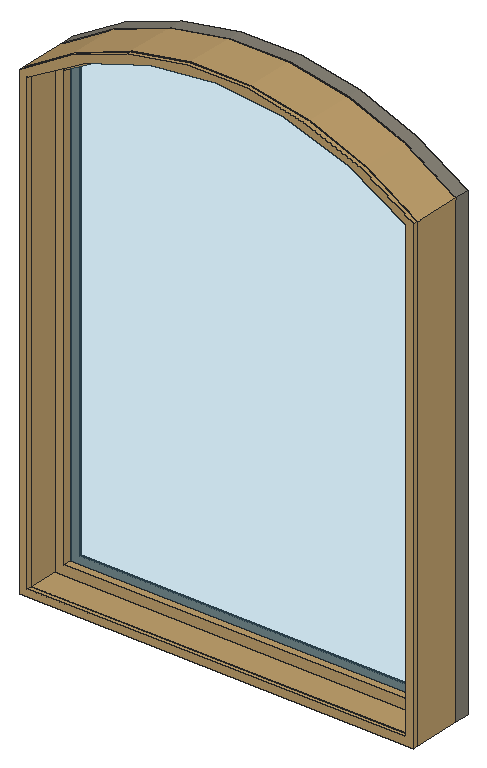
Revit family
Parameters (values of type "CRT3547DH")
  Window Type = "Clad Direct Glaze Ultimate Round Top RT6"
  URL = "www.marvin.com"
  RO Radius Constraint = if(RO Radius > (Rough Width / 2) + 0' 1", RO Radius, (Rough Width / 2) + 0' 1")  # 2' - 6 1/2"
  Radius = RO Radius Constraint - 0' 0 1/2"  # 2' - 6"
  RO Radius = 2' - 6 1/2"
  Nominal Width = 2' - 11"
  Nominal Height = 3' - 11"
  Model = "CRT3547DH"
  Mask Offset [instance] = if(Inset to Installation Flange = 0' 1 3/32", 0' 0 1/32", 0' 0")  # 0' - 0"
  Mask [instance] = Inset to Installation Flange > 0' 1 3/32"  # no
  Manufacturer = "Marvin Windows and Doors"
  Label Visibility = no
  Interior Material = Wood-Marvin-Pine
  Glazing Material = Glass-Marvin-IG Low E II with Argon
  Glass Type = "IG Low E II with Argon"
  Frame = "Aluminum Clad"
  Family created by = "www.rbuiltcomponents.com"
  Rough Width = Width + 0' 1"  # 3' - 0 3/8"
  Rough Height = Height + 0' 0 1/2"  # 4' - 0 1/2"
  Jamb Extension Visibility = yes
  Inset to Installation Flange [instance] = 0' - 1"
  Height = if(Nominal Height = 1' 7", Nominal Height - 0' 1", Nominal Height + 0' 1")  # 4' - 0"
  Design Pressure = if(or(Width > 10' 0", Height > 6' 0"), "", "DP40")  # "DP40"
  Description = "3547 FIXED RT6"
  Default Head Height = 8' - 0"
  Wall Closure = (empty or 0)
  Width = if(Nominal Width > 3' 9", Nominal Width - 0' 0 1/4", Nominal Width + 0' 0 3/8")  # 2' - 11 3/8"
  DLO Width = Width - 0' 3 1/8"  # 2' - 8 1/4"
  DLO Height = Height - 0' 3 1/8"  # 3' - 8 7/8"
  Cladding Material = Aluminum-Marvin-Bronze
  Arc Height = RO Radius Constraint - sqrt((RO Radius Constraint ^ 2) - ((Rough Width / 2) ^ 2))  # 0' - 6.01603"
  Assembly Code = ""
Reference planes (in)
  plane 1 "Center (Front/Back)": y = 0
  plane 2: z = 0
  plane 3 "Center (Left/Right)": x = -3
  plane 4 "Left": x = -20.6875
  plane 5 "Right": x = 14.6875
  plane 6 "Sill": z = 48
  plane 7 "Top": z = 96
  plane 8 "Inset": y = 2
  plane 9 "Glazing": y = 1.80078
  plane 10 "Jamb Ext Face": y = -2.5625
  plane 11: z = 90.48397
  plane 12: z = 96.5
  plane 13: x = 15.1875
  plane 14: x = -21.1875
  plane 15: y = -2.59375
Forms (in)
  Sweep 1, solid, material "Aluminum-Marvin-Bronze" <- "Cladding Material"
    path origin (0, 1.80078, 0) x (1, 0, 0) y (0, 0, 1)
      loop
        line (-20.6875, 90.23123) -> (-20.6875, 48) -> (14.6875, 48) -> (14.6875, 90.23123)
        arc (14.6875, 90.23123) -> (-3, 96) -> (-20.6875, 90.23123) r 30
    profile "Profile_Ext_Clad_Frame : Profile_Ext_Clad_Frame" origin (-20.6875, 1.80078, 69.11561) x (1, 0, 0) y (0, -1, 0)
      loop
        line (0.66161, -0.32533) -> (1.36603, -0.32533) -> (1.36603, -0.20244) -> (1.53351, -0.03495) -> (1.53351, 0) -> (0, 0) -> (0, -1.29321) -> (0.59393, -1.29321) -> (0.66161, -0.32533)
  Sweep 2, solid, material "Wood-Marvin-Pine" <- "Interior Material"
    path origin (0, 1.80078, 0) x (1, 0, 0) y (0, 0, 1)
      loop
        line (-20.6875, 90.23123) -> (-20.6875, 48) -> (14.6875, 48) -> (14.6875, 90.23123)
        arc (14.6875, 90.23123) -> (-3, 96) -> (-20.6875, 90.23123) r 30
    profile "Profile_Int_Frame : Profile_Int_Frame" origin (-20.6875, 1.80078, 69.11561) x (1, 0, 0) y (0, -1, 0)
      loop
        line (0.65625, 4.36304) -> (0, 4.36304) -> (0, 0) -> (0.65625, 0) -> (0.65625, 1.0626) -> (1.53226, 1.0626) -> (1.53226, 1.7506) -> (0.65625, 1.7506) -> (0.65625, 4.36304)
  Extrusion 3, solid, material "Glass-Marvin-IG Low E II with Argon" <- "Glazing Material"
    sketch origin (0, 1.80078, 0) x (1, 0, 0) y (0, 0, 1)
      loop
        line (13.84375, 48.84375) -> (13.84375, 90.02798)
        arc (13.84375, 90.02798) -> (-3, 95.34375) -> (-19.84375, 90.02798) r 29.34375
        line (-19.84375, 90.02798) -> (-19.84375, 48.84375) -> (13.84375, 48.84375)
    from 0 to 0.1875
  Extrusion 4, solid, material "Glass-Marvin-IG Low E II with Argon" <- "Glazing Material"
    sketch origin (0, 1.80078, 0) x (1, 0, 0) y (0, 0, 1)
      loop
        line (13.84375, 48.84375) -> (13.84375, 90.02798)
        arc (13.84375, 90.02798) -> (-3, 95.34375) -> (-19.84375, 90.02798) r 29.34375
        line (-19.84375, 90.02798) -> (-19.84375, 48.84375) -> (13.84375, 48.84375)
    from 0.8125 to 1
  Extrusion 5, solid, material "Wood-Marvin-Pine" <- "Interior Material", detail levels medium+fine
    sketch origin (0, -2.5625, 0) x (1, 0, 0) y (0, 0, 1)
      loop
        line (-20.6875, 48) -> (14.6875, 48) -> (14.6875, 90.23123)
        arc (14.6875, 90.23123) -> (-3, 96) -> (-20.6875, 90.23123) r 30
        line (-20.6875, 90.23123) -> (-20.6875, 48)
      loop
        arc (14.03125, 89.89544) -> (-3, 95.34375) -> (-20.03125, 89.89544) r 29.34375
        line (-20.03125, 89.89544) -> (-20.03125, 48.65625) -> (14.03125, 48.65625) -> (14.03125, 89.89544)
    from 0.03125 to 0.4375
Lines and regions (in)
  Opening 1
    outline origin (-60, -3, 0) x (1, 0, 0) y (0, 0, 1)
      loop
        line (39.3125, 90.23123) -> (39.3125, 48) -> (74.6875, 48) -> (74.6875, 90.23123)
        arc (74.6875, 90.23123) -> (57, 96) -> (39.3125, 90.23123) r 30
  Masking region 1
    outline origin (0, 0, 48) x (0, -1, 0) y (1, 0, 0)
      loop
        line (-3.094, -20.6875) -> (2.5625, -20.6875) -> (2.5625, 14.6875) -> (-3.094, 14.6875) -> (-3.094, -20.6875)
  Masking region 2
    outline origin (-3, 0, 0) x (0, 1, 0) y (0, 0, 1)
      loop
        line (3.094, 96) -> (-2.5625, 96) -> (-2.5625, 48) -> (3.094, 48) -> (3.094, 96)
  Masking region 3
    outline origin (-3, 0, 0) x (0, 1, 0) y (0, 0, 1)
      loop
        line (-2.59375, 96) -> (-3, 96) -> (-3, 48) -> (-2.59375, 48) -> (-2.59375, 96)
  Masking region 4, visible <- "Jamb Extension Visibility"
    outline origin (0, 0, 0) x (1, 0, 0) y (0, 1, 0)
      loop
        line (-20.6875, -2.59375) -> (-20.6875, -3) -> (14.6875, -3) -> (14.6875, -2.59375) -> (-20.6875, -2.59375)
  Masking region 5, visible <- "Mask"
    outline origin (-3, 0.20843, 0.00138) x (0, 1, 0) y (0, 0, 1)
      loop
        line (2.88557, 95.99862) -> (2.79157, 95.99862) -> (2.79157, 47.99862) -> (2.88557, 47.99862) -> (2.88557, 95.99862)
  symbolic lines, style "Jamb Extension", visible <- "Jamb Extension Visibility", detail levels fine
    curve 1: line (-20.6875, -3, 48) -> (-20.03125, -3, 48)
    curve 2: line (-20.03125, -3, 48) -> (-20.03125, -2.59375, 48)
    curve 3: line (14.6875, -3, 48) -> (14.03125, -3, 48)
    curve 4: line (14.03125, -3, 48) -> (14.03125, -2.59375, 48)
    curve 5: line (-3, -3, 95.34375) -> (-3, -2.59375, 95.34375)
    curve 6: line (-3, -3, 48.65625) -> (-3, -2.59375, 48.65625)
  symbolic lines, style "WindowsFrameMullionProjection", detail levels coarse+medium
    curve 7: line (14.6875, -2.5625, 0) -> (14.03125, -2.5625, 0)
    curve 8: line (14.03125, -2.5625, 0) -> (14.03125, 3.094, 0)
    curve 9: line (14.03125, 3.094, 0) -> (14.6875, 3.094, 0)
    curve 10: line (14.03125, 2.12611, 0) -> (13.15524, 2.12611, 0)
    curve 11: line (13.15524, 2.12611, 0) -> (13.15524, 0.05018, 0)
    curve 12: line (-20.03125, 0.05018, 0) -> (-19.15524, 0.05018, 0)
    curve 13: line (-20.6875, -2.5625, 0) -> (-20.03125, -2.5625, 0)
    curve 14: line (-20.03125, -2.5625, 0) -> (-20.03125, 3.094, 0)
    curve 15: line (-20.03125, 3.094, 0) -> (-20.6875, 3.094, 0)
    curve 16: line (-19.15524, 2.12611, 0) -> (-19.15524, 0.05018, 0)
    curve 17: line (-3, 3.094, 96) -> (-3, 3.094, 95.34375)
    curve 18: line (-3, 3.094, 95.34375) -> (-3, -2.5625, 95.34375)
    curve 19: line (-3, -2.5625, 95.34375) -> (-3, -2.5625, 96)
    curve 20: line (-3, 2.12611, 95.34375) -> (-3, 2.12611, 94.46774)
    curve 21: line (-3, 2.12611, 94.46774) -> (-3, 0.05018, 94.46774)
    curve 22: line (-3, 0.05018, 48.65625) -> (-3, 0.05018, 49.53226)
    curve 23: line (-3, 3.094, 48) -> (-3, 3.094, 48.65625)
    curve 24: line (-3, 3.094, 48.65625) -> (-3, -2.5625, 48.65625)
    curve 25: line (-3, -2.5625, 48.65625) -> (-3, -2.5625, 48)
    curve 26: line (-3, 2.12611, 49.53226) -> (-3, 0.05018, 49.53226)
    curve 27: line (13.15524, 2.12611, 0) -> (-19.15524, 2.12611, 0)
    curve 28: line (13.15524, 0.05018, 0) -> (14.03125, 0.05018, 0)
    curve 29: line (-19.15524, 0.05018, 0) -> (13.15524, 0.05018, 0)
    curve 30: line (-19.15524, 2.12611, 0) -> (-20.03125, 2.12611, 0)
    curve 31: line (-3, 0.05018, 49.53226) -> (-3, 0.05018, 94.46774)
    curve 32: line (-3, 2.12611, 49.53226) -> (-3, 2.12611, 48.65625)
    curve 33: line (-3, 0.05018, 94.46774) -> (-3, 0.05018, 95.34375)
    curve 34: line (-3, 2.12611, 94.46774) -> (-3, 2.12611, 49.53226)
  symbolic lines, style "WindowsFrameMullionProjection", visible <- "Jamb Extension Visibility", detail levels coarse+medium
    curve 35: line (-20.03125, -2.59375, 48) -> (-20.03125, -3, 48)
    curve 36: line (-20.03125, -3, 48) -> (-20.6875, -3, 48)
    curve 37: line (14.03125, -2.59375, 48) -> (14.03125, -3, 48)
    curve 38: line (14.03125, -3, 48) -> (14.6875, -3, 48)
    curve 41: line (-3, -2.59375, 95.34375) -> (-3, -3, 95.34375)
    curve 42: line (-3, -3, 95.34375) -> (-3, -3, 96)
    curve 43: line (-3, -2.59375, 48.65625) -> (-3, -3, 48.65625)
    curve 44: line (-3, -3, 48.65625) -> (-3, -3, 48)
  symbolic lines, style "Jamb Extension", visible <- "Jamb Extension Visibility"
    curve 39: line (-3, -3, 48.65625) -> (-3, -3, 48)
    curve 40: line (-3, -3, 95.34375) -> (-3, -3, 96)
  symbolic lines, style "WindowsGlassProjection", detail levels coarse+medium
    curve 45: line (-3, 1.06756, 49.53226) -> (-3, 1.06756, 94.46774)
    curve 46: line (13.15524, 1.06956, 0) -> (-19.15524, 1.06956, 0)
  reference lines
    curve 47: arc (15.1875, 0, 90.48397) -> (-3, 0, 96.5) -> (-21.1875, 0, 90.48397) r 30.5
    curve 48: arc (14.87755, 0, 90.09135) -> (-3, 0, 96) -> (-20.87755, 0, 90.09135) r 30
  symbolic lines, style "InvisibleLines", visible <- "Jamb Extension Visibility"
    curve 49: line (-3, -2.59375, 48) -> (-3, -2.59375, 48.65625)
    curve 50: line (-3, -2.59375, 95.34375) -> (-3, -2.59375, 96)
Text (in)
  text "EXTERIOR" at (-58.6888, 50.90694, 0), in view "Ref. Level"
  text "INTERIOR" at (-58.6888, -37.76638, 0), in view "Ref. Level"
  text "Exterior" at (0, 43.65631, 123.19604), in view "Left"
  text "Exterior" at (0, 18.29385, 125.04747), in view "Right"
Dimensions and locks (in)
  equal spacing: plane 4 "Left", plane 3 "Center (Left/Right)", plane 5 "Right"
  "Width": plane 4 "Left" to plane 5 "Right"
  "Height": plane 6 "Sill" to plane 7 "Top"
  "Inset to Installation Flange": host wall to plane 8 "Inset"
  locked: plane 9 "Glazing" to plane 8 "Inset" at 0.19922
  locked: plane 10 "Jamb Ext Face" to plane 8 "Inset" at 4.5625
  locked: Extrusion 3 sketch curve to plane 5 "Right" at 0.84375
  locked: plane 4 "Left" to Extrusion 3 sketch curve at 0.84375
  locked: plane 6 "Sill" to Extrusion 3 sketch curve at 0.84375
  equal spacing: curve 28, plane 8 "Inset", curve 10
  "Default Head Height": plane 2 to plane 7 "Top"
  locked: nested 3 to host wall at 12.00106
  locked: Extrusion 4 sketch curve to plane 5 "Right" at 0.84375
  locked: plane 6 "Sill" to Extrusion 4 sketch curve at 0.84375
  locked: plane 4 "Left" to Extrusion 4 sketch curve at 0.84375
  locked: plane 9 "Glazing" to Extrusion 3 at 0.1875
  locked: plane 9 "Glazing" to Extrusion 4 at 0.8125
  locked: plane 9 "Glazing" to Extrusion 4 at 1
  locked: Extrusion 4 to Extrusion 4 at 0.1875
  locked: plane 5 "Right" to plane 13 at 0.5
  locked: plane 14 to plane 4 "Left" at 0.5
  locked: plane 7 "Top" to plane 12 at 0.5
  "Arc Height": plane 11 to plane 12
  locked: plane 15 to plane 10 "Jamb Ext Face" at 0.03125
  "Mask Offset": Masking region 5 sketch curve to host wall
  "RO Radius Constraint": radius of curve 47
  "Radius": radius of curve 48
  aligned and locked: plane 6 "Sill" to Opening 1 sketch curve  (x2)
  aligned and locked: plane 5 "Right" to Opening 1 sketch curve
  aligned and locked: plane 4 "Left" to Opening 1 sketch curve
  aligned and locked: nested 1 to plane 3 "Center (Left/Right)"
  aligned and locked: plane 8 "Inset" to nested 1
  aligned and locked: host wall to curve 1
  aligned and locked: curve 3 to host wall
  aligned and locked: Sweep 1 sketch curve to plane 6 "Sill"
  aligned and locked: plane 5 "Right" to Sweep 1 sketch curve
  aligned and locked: Sweep 1 sketch curve to plane 4 "Left"
  aligned and locked: Sweep 2 sketch curve to plane 4 "Left"
  aligned and locked: plane 5 "Right" to Sweep 2 sketch curve
  aligned and locked: Sweep 2 sketch curve to plane 6 "Sill"
  aligned and locked: plane 8 "Inset" to nested 2
  aligned and locked: plane 5 "Right" to Masking region 1 sketch curve
  aligned and locked: Masking region 1 sketch curve to plane 4 "Left"
  aligned and locked: plane 7 "Top" to Masking region 2 sketch curve
  aligned and locked: Masking region 2 sketch curve to plane 6 "Sill"
  aligned and locked: plane 3 "Center (Left/Right)" to nested 3
  aligned and locked: plane 10 "Jamb Ext Face" to curve 13
  aligned and locked: curve 7 to plane 10 "Jamb Ext Face"
  aligned and locked: plane 4 "Left" to curve 36
  aligned and locked: curve 36 to host wall
  aligned and locked: plane 5 "Right" to curve 38
  aligned and locked: host wall to curve 38
  aligned and locked: curve 25 to plane 10 "Jamb Ext Face"
  aligned and locked: plane 6 "Sill" to curve 39
  aligned and locked: curve 39 to host wall
  aligned and locked: plane 7 "Top" to curve 40
  aligned and locked: plane 7 "Top" to curve 42
  aligned and locked: host wall to curve 42
  aligned and locked: plane 6 "Sill" to curve 44
  aligned and locked: Extrusion 3 to plane 9 "Glazing"
  aligned and locked: curve 14 to Sweep 2
  aligned and locked: curve 24 to Sweep 2
  aligned and locked: Sweep 1 to curve 32
  aligned and locked: plane 9 "Glazing" to Extrusion 3
  aligned and locked: Sweep 1 to curve 30
  aligned and locked: curve 12 to Sweep 2
  aligned and locked: curve 16 to Sweep 2
  aligned and locked: curve 10 to Sweep 1
  aligned and locked: Sweep 2 to curve 28
  aligned and locked: curve 11 to Sweep 2
  aligned and locked: curve 9 to Sweep 1
  aligned and locked: Sweep 1 to curve 15
  aligned and locked: Masking region 1 sketch curve to Sweep 1
  aligned and locked: Masking region 2 sketch curve to Sweep 1
  aligned and locked: curve 17 to Sweep 1
  aligned and locked: curve 20 to Sweep 1
  aligned and locked: Sweep 2 to curve 33
  aligned and locked: curve 23 to Sweep 1
  aligned and locked: curve 22 to Sweep 2
  aligned and locked: curve 26 to Sweep 2
  aligned and locked: Extrusion 5 sketch curve to plane 6 "Sill"
  aligned and locked: host wall to Extrusion 5
  aligned and locked: Extrusion 5 to curve 37  (x2)
  aligned and locked: curve 4 to Extrusion 5
  aligned and locked: curve 35 to Extrusion 5
  aligned and locked: curve 2 to Extrusion 5
  aligned and locked: curve 43 to Extrusion 5
  aligned and locked: curve 6 to Extrusion 5
  aligned and locked: plane 13 to curve 47
  aligned and locked: plane 14 to curve 47
  aligned and locked: Opening 1 sketch curve to curve 48
  aligned and locked: Sweep 1 sketch curve to curve 48
  aligned and locked: Sweep 2 sketch curve to Sweep 1
  aligned and locked: Extrusion 3 sketch curve to Sweep 2
  aligned and locked: Extrusion 4 sketch curve to Sweep 2
  aligned and locked: Extrusion 5 sketch curve to Sweep 2  (x4)
  aligned and locked: Extrusion 5 sketch curve to curve 48
  aligned and locked: Extrusion 5 sketch curve to plane 4 "Left"
  aligned and locked: plane 5 "Right" to Extrusion 5 sketch curve
  aligned and locked: curve 8 to curve 37
  aligned and locked: curve 18 to curve 41
  aligned and locked: curve 5 to curve 18
  aligned and locked: Extrusion 5 to curve 35
  aligned and locked: Extrusion 5 to curve 2
  aligned and locked: Extrusion 5 to curve 4
  aligned and locked: Extrusion 5 to curve 41
  aligned and locked: Extrusion 5 to curve 43
  aligned and locked: curve 49 to Extrusion 5  (x2)
  aligned and locked: Extrusion 5 to plane 15
  aligned and locked: Masking region 2 sketch curve to plane 10 "Jamb Ext Face"
  aligned and locked: Masking region 3 sketch curve to plane 6 "Sill"
  aligned and locked: plane 7 "Top" to Masking region 3 sketch curve
  aligned and locked: plane 15 to Masking region 3 sketch curve
  aligned and locked: Masking region 3 sketch curve to host wall
  aligned and locked: Masking region 1 sketch curve to plane 10 "Jamb Ext Face"
  aligned and locked: Masking region 4 sketch curve to plane 4 "Left"
  aligned and locked: plane 5 "Right" to Masking region 4 sketch curve
  aligned and locked: plane 15 to Masking region 4 sketch curve
  aligned and locked: Masking region 4 sketch curve to host wall
  aligned and locked: Masking region 5 sketch curve to plane 6 "Sill"
  aligned and locked: Masking region 5 sketch curve to Sweep 1
  aligned and locked: plane 7 "Top" to Masking region 5 sketch curve
Automatic sketch dimensions
  curve 13 to plane 4 "Left" = 0' - 0"
  curve 15 to plane 4 "Left" = 0' - 0"
  curve 7 to plane 5 "Right" = 0' - 0"
  curve 9 to plane 5 "Right" = 0' - 0"
  plane 9 "Glazing" to curve 46 = 0' - 0.73122"
  curve 47 to plane 3 "Center (Left/Right)" = 0' - 0"
  curve 47 to plane 11 = 0' - 0"
  curve 47 to curve 48 = 0' - 0"  (x2)
  plane 4 "Left" to curve 48 = 0' - 0.19005"
  curve 48 to plane 5 "Right" = 0' - 0.19005"
  curve 1 to plane 4 "Left" = 0' - 0"
  curve 3 to plane 5 "Right" = 0' - 0"
  curve 50 to plane 7 "Top" = 0' - 0"
  curve 18 to plane 10 "Jamb Ext Face" = 0' - 0"
  curve 25 to plane 6 "Sill" = 0' - 0"
  curve 23 to plane 6 "Sill" = 0' - 0"
  curve 19 to plane 7 "Top" = 0' - 0"
  curve 17 to plane 7 "Top" = 0' - 0"
  plane 9 "Glazing" to curve 45 = 0' - 0.73322"
  plane 7 "Top" to curve 31 = 0' - 1.53226"
  plane 7 "Top" to curve 19 = 0' - 0 21/32"
Nested families (in)
  nested 1: "Roundtop_Plan_Detail" at (-3, 2, 48) x (-1, 0, 0) z (0, 0, -1), type "Roundtop_Plan_Detail", detail levels fine
  nested 2: "Roundtop_Section_Detail" at (-3, 2, 96) x (0, -1, 0) z (1, 0, 0), type "Roundtop_Section_Detail", detail levels fine
  nested 3: "Label Annotation 1-16 w5" at (-3, 15.00106, 0), visible <- "Label Visibility", type "Label Annotation 1-16 w5"
Definition of nested family "Roundtop_Plan_Detail"
  Parameters (values of type "Roundtop_Plan_Detail")
    Width = 3' - 0"
    Assembly Code = ""
  Reference planes (in)
    plane 1 "Center (Front/Back)": y = 0
    plane 2: z = 0
    plane 3 "Center (Left/Right)": x = 0
    plane 4: x = -18
    plane 5: x = 18
  Lines and regions (in)
    detail lines, style "Cut Lines", in view "Ref. Level"
      curve 1: line (-17.15398, -0.23076, 0) -> (17.15398, -0.23076, 0)
      curve 2: line (17.15398, -0.41826, 0) -> (-17.15398, -0.41826, 0)
      curve 3: line (-17.15398, -1.04326, 0) -> (17.15398, -1.04326, 0)
      curve 4: line (17.15398, -1.23076, 0) -> (-17.15398, -1.23076, 0)
  Dimensions and locks (in)
    equal spacing: plane 4, plane 3 "Center (Left/Right)", plane 5
    "Width": plane 4 to plane 5
    aligned and locked: plane 1 "Center (Front/Back)" to nested 1
    aligned and locked: nested 1 to plane 4
    aligned and locked: plane 5 to nested 2
    aligned and locked: nested 2 to plane 1 "Center (Front/Back)"
    aligned and locked: nested 1 to curve 1
    aligned and locked: nested 2 to curve 2  (x2)
    aligned and locked: nested 1 to curve 3  (x2)
    aligned and locked: nested 2 to curve 4
    aligned and locked: curve 1 to nested 1
    aligned and locked: nested 1 to curve 2
    aligned and locked: curve 4 to nested 1
    aligned and locked: curve 1 to nested 2
    aligned and locked: nested 2 to curve 3
    aligned and locked: curve 4 to nested 2
  Nested families (in)
    nested 1: "Jamb_Detail" at (-18, 0, 0), type "Jamb_Detail", in view "Ref. Level"
    nested 2: "Jamb_Detail" at (18, 0, 0) x (-1, 0, 0) z (0, 0, 1), type "Jamb_Detail", in view "Ref. Level"
  Definition of nested family "Jamb_Detail"
    Parameters (values of type "Jamb_Detail")
      Assembly Code = ""
    Reference planes (in)
      plane 1 "Center (Front/Back)": y = 0
      plane 2: z = 0
      plane 3 "Center (Left/Right)": x = 0
    Lines and regions (in)
      detail lines, style "Cut Lines", in view "Ref. Level"
        curve 1: line (0.6575, 4.5625, 0) -> (0, 4.5625, 0)
        curve 2: line (0, 4.5625, 0) -> (0, -1.09375, 0)
        curve 3: line (0.6575, 4.5625, 0) -> (0.6575, 1.95006, 0)
        curve 4: line (0.6575, 1.95006, 0) -> (1.53351, 1.95006, 0)
        curve 5: line (1.53351, 1.95006, 0) -> (1.53351, 1.26206, 0)
        curve 6: line (1.53351, 1.26206, 0) -> (0.6575, 1.26206, 0)
        curve 7: line (-0.15502, 0, 0) -> (-1.50502, 0, 0)
        curve 8: line (0, -0.045, 0) -> (-1.50502, -0.045, 0)
        curve 9: line (0, 0.11, 0) -> (-0.15502, 0.11, 0)
        curve 10: line (-0.15502, 0, 0) -> (-0.15502, 0.11, 0)
        curve 11: line (0.66161, -0.12586, 0) -> (0.59393, -1.09375, 0)
        curve 12: line (0.59393, -1.09375, 0) -> (0, -1.09375, 0)
        curve 13: line (1.36603, -0.12586, 0) -> (0.66161, -0.12586, 0)
        curve 14: line (1.36603, -0.00297, 0) -> (1.36603, -0.12586, 0)
        curve 15: line (0.6575, 0.19946, 0) -> (1.53351, 0.19946, 0)
        curve 16: line (-1.50502, 0, 0) -> (-1.50502, -0.045, 0)
        curve 17: line (1.53351, 0.19946, 0) -> (1.53351, 0.16452, 0)
        curve 18: line (0.6575, 1.26206, 0) -> (0.6575, 0.19946, 0)
        curve 19: line (1.28352, 1.04326, 0) -> (1.28352, 0.41826, 0)
        curve 20: line (0.97102, 1.04326, 0) -> (0.97102, 0.41826, 0)
        curve 21: line (0.84602, 1.23076, 0) -> (0.84602, 1.04326, 0)
        curve 22: line (0.84602, 0.23076, 0) -> (0.84602, 0.41826, 0)
        curve 23: line (1.36603, -0.00297, 0) -> (1.53351, 0.16452, 0)
Definition of nested family "Roundtop_Section_Detail"
  Parameters (values of type "Roundtop_Section_Detail")
    Height = 3' - 0"
    Assembly Code = ""
  Reference planes (in)
    plane 1 "Center (Front/Back)": y = 0
    plane 2: z = 0
    plane 3 "Center (Left/Right)": x = 0
    plane 4: y = 36
  Lines and regions (in)
    detail lines, style "Cut Lines", in view "Ref. Level"
      curve 1: line (0.23076, 0.84739, 0) -> (0.23076, 35.15261, 0)
      curve 2: line (0.41826, 35.15261, 0) -> (0.41826, 0.84739, 0)
      curve 3: line (1.04326, 0.84739, 0) -> (1.04326, 35.15261, 0)
      curve 4: line (1.23076, 35.15261, 0) -> (1.23076, 0.84739, 0)
  Dimensions and locks (in)
    "Height": plane 4 to plane 1 "Center (Front/Back)"
    aligned and locked: nested 1 to plane 4
    aligned and locked: plane 3 "Center (Left/Right)" to nested 1
    aligned and locked: curve 1 to nested 1
    aligned and locked: nested 1 to curve 2
    aligned and locked: nested 1 to curve 3
    aligned and locked: curve 4 to nested 1
    aligned and locked: plane 1 "Center (Front/Back)" to nested 2
    aligned and locked: nested 2 to plane 3 "Center (Left/Right)"
    aligned and locked: curve 1 to nested 2
    aligned and locked: nested 2 to curve 2
    aligned and locked: nested 2 to curve 3
    aligned and locked: curve 4 to nested 2
  Automatic sketch dimensions
    plane 3 "Center (Left/Right)" to curve 1 = 0' - 0.23076"
    curve 1 to curve 2 = 0' - 0 3/16"
    curve 2 to curve 3 = 0' - 0 5/8"
    curve 3 to curve 4 = 0' - 0 3/16"
  Nested families (in)
    nested 1: "Head_Detail" at (0, 36, 0), type "Head_Detail", in view "Ref. Level"
    nested 2: "Head_Detail" at (0, 0, 0), type "Head_Detail", in view "Ref. Level"
  Definition of nested family "Head_Detail"
    Parameters (values of type "Jamb_Detail")
      Assembly Code = ""
    Reference planes (in)
      plane 1 "Center (Front/Back)": y = 0
      plane 2: z = 0
      plane 3 "Center (Left/Right)": x = 0
    Lines and regions (in)
      detail lines, style "Cut Lines", in view "Ref. Level"
        curve 1: line (4.5625, -0.65888, 0) -> (4.5625, -0.00138, 0)
        curve 2: line (4.5625, -0.00138, 0) -> (-1.09375, -0.00138, 0)
        curve 3: line (4.5625, -0.65888, 0) -> (1.95006, -0.65888, 0)
        curve 4: line (1.95006, -0.65888, 0) -> (1.95006, -1.53489, 0)
        curve 5: line (1.95006, -1.53489, 0) -> (1.26206, -1.53489, 0)
        curve 6: line (1.26206, -1.53489, 0) -> (1.26206, -0.65888, 0)
        curve 7: line (0, 0.15365, 0) -> (0, 1.50364, 0)
        curve 8: line (-0.045, -0.00138, 0) -> (-0.045, 1.50364, 0)
        curve 9: line (0.11, -0.00138, 0) -> (0.11, 0.15365, 0)
        curve 10: line (0, 0.15365, 0) -> (0.11, 0.15365, 0)
        curve 11: line (-0.12586, -0.66299, 0) -> (-1.09375, -0.5953, 0)
        curve 12: line (-1.09375, -0.5953, 0) -> (-1.09375, -0.00138, 0)
        curve 13: line (-0.12586, -1.3674, 0) -> (-0.12586, -0.66299, 0)
        curve 14: line (-0.00297, -1.3674, 0) -> (-0.12586, -1.3674, 0)
        curve 15: line (0.19946, -0.65888, 0) -> (0.19946, -1.53489, 0)
        curve 16: line (0, 1.50364, 0) -> (-0.045, 1.50364, 0)
        curve 17: line (0.19946, -1.53489, 0) -> (0.16452, -1.53489, 0)
        curve 18: line (1.26206, -0.65888, 0) -> (0.19946, -0.65888, 0)
        curve 19: line (1.04326, -1.28489, 0) -> (0.41826, -1.28489, 0)
        curve 20: line (1.04326, -0.97239, 0) -> (0.41826, -0.97239, 0)
        curve 21: line (1.23076, -0.84739, 0) -> (1.04326, -0.84739, 0)
        curve 22: line (0.23076, -0.84739, 0) -> (0.41826, -0.84739, 0)
        curve 23: line (-0.00297, -1.3674, 0) -> (0.16452, -1.53489, 0)
Definition of nested family "Label Annotation 1-16 w5"
  Parameters
    Label = ""
    Egress Info = "EGRESS WDW"
    Description = "3664 FIXED"
  Reference planes (in)
    plane 1: y = 0
    plane 2: x = 0
  Text (in)
    label "Description" at (0.00375, -0.00345, 0), shows "Description"
